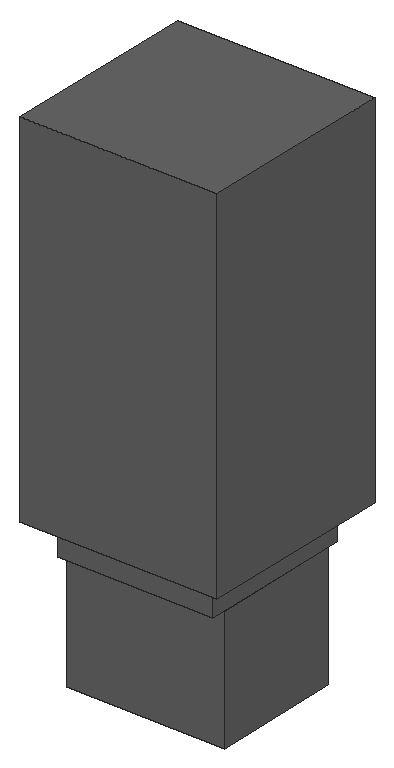
Revit family "LTC-6SQD", category Lighting Fixtures, host Face, Revit 2014
Parameters (values of type "LTC-6SQD-S")
  Width = 7 151/256"
  Wattage Comments = "8-25"  # constant formula
  Wattage = 25 W
  built-in parameter 1150110 = 1 (stored number, unit not read)
  Voltage = if(Is 120V, 120 V, 277 V)  # 120 V
  URL = "https://www.hubbell.com/prescolite/en"
  built-in parameter 1114217 = 1 (stored number, unit not read)
  Tilt Angle = -90.00°
  built-in parameter 1150109 = 1 (stored number, unit not read)
  built-in parameter 1150134 = (empty or 0)
  built-in parameter 1150113 = 1 (stored number, unit not read)
  Reflector Finish = Paint - Hubbell - Carbon Black
  Product Page URL = "https://www.hubbell.com/prescolite/en/Products/Lighting-Controls/Commercial-Indoor-Lighting/Cylinder/LITEISTRY-6-Square-Cylinder-Downlight-wPowerHUBB/p/3775909"
  Product Material = Paint - Hubbell - Carbon Black
  Product Documentation Link = "https://hubbellcdn.com/specsheet/LTC-6SQDPH%20PowerHUBB.pdf"
  Photometric Web File = "LTC-6SQDPH-P-20L35K8MD-PM-S-BL.ies"
  Photometric Notes = "More IES files download on Photometric Web Link"  # constant formula
  Model = "LTC-6SQD"  # constant formula
  Manufacturer = "Prescolite"  # constant formula
  built-in parameter 1150105 = -6252400 (stored number, unit not read)
  Lumens = 2200 lm
  built-in parameter 1150115 = 1 (stored number, unit not read)
  Load Classification = Lighting
  built-in parameter 1150137 = (empty or 0)
  built-in parameter 1150139 = (empty or 0)
  built-in parameter 1150112 = 1 (stored number, unit not read)
  built-in parameter 1150114 = 1 (stored number, unit not read)
  Lamp = " LED's"  # constant formula
  Is 277V = not(Is 120V)  # no
  Is 120V = yes
  built-in parameter 1150132 = (empty or 0)
  built-in parameter 1150102 = (empty or 0)
  built-in parameter 1150107 = 3000 (stored number, unit not read)
  built-in parameter 1150138 = (empty or 0)
  built-in parameter 1150106 = -62524 (stored number, unit not read)
  Height = 14"
  Glass = Hubbell - White Glass
  Frequency = 60 Hz  # constant formula
  Emit from Rectangle Width = Width  # 7 151/256"
  Emit from Rectangle Length = Width  # 7 151/256"
  Emit Shape Visible in Rendering = yes
  built-in parameter 1150104 = 8.1755 (stored number, unit not read)
  Dimming Lamp Color Temperature Shift = <None>
  Description = "LITEISTRY™ 6inch Square Cylinder Downlight"  # constant formula
  Default Elevation = 48"
  Contact Us = "https://www.hubbell.com/prescolite/en/contactUs"
  Connector Description = "Lighting Connector"  # constant formula
  Color Filter = 16777215
  Ceiling Thickness [instance] = 1 1/4"
  Cutout Radius = 3 1/8"
  Ceiling Cutout = Cutout Radius * 2  # 6 1/4"
  built-in parameter 1114218 = 1 (stored number, unit not read)
  built-in parameter 1150133 = 10 (stored number, unit not read)
  Apparent Load = 52 VA
Reference planes (in)
  plane 1 "Center (Front/Back)": y = 0
  plane 2: z = 0
  plane 3 "Center (Left/Right)": x = 0
  plane 4: x = 3
  plane 5: x = -3
  plane 6: y = 3
  plane 7: y = -3
  plane 8: x = 3.79492
  plane 9: x = -3.79492
  plane 10: y = 3.79492
  plane 11: y = -3.79492
  plane 12: z = 14
  plane 13: z = -6
Forms (in)
  Extrusion 1, void
    sketch origin (0, 0, 0) x (1, 0, 0) y (0, 1, 0)
      loop
        circle (0, 0) r 3.125
    from -1.25 to 0
  Extrusion 2, solid, material "Paint - Hubbell - Carbon Black" <- "Product Material"
    sketch origin (0, 0, 0) x (1, 0, 0) y (0, 1, 0)
      loop
        line (-3.04492, 2.5) -> (-3.04492, -2.5) -> (3.04492, -2.5) -> (3.04492, 2.5) -> (-3.04492, 2.5)
    from -6 to -1.27765
  Extrusion 3, solid, material "Paint - Hubbell - Carbon Black" <- "Product Material"
    sketch origin (0, 0, 0) x (1, 0, 0) y (0, 1, 0)
      loop
        line (-3.79492, 3.79492) -> (-3.79492, -3.79492) -> (3.79492, -3.79492) -> (3.79492, 3.79492) -> (-3.79492, 3.79492)
    from 0 to 14
  Extrusion 4, solid, material "Paint - Hubbell - Carbon Black" <- "Product Material"
    sketch origin (0, 0, 0) x (1, 0, 0) y (0, 1, 0)
      loop
        line (-3, 3) -> (-3, -3) -> (3, -3) -> (3, 3) -> (-3, 3)
    from -1.27765 to 0
  Extrusion 5, solid, material "Paint - Hubbell - Carbon Black" <- "Product Material"
    sketch origin (0, 0, 0) x (1, 0, 0) y (0, 1, 0)
      loop
        line (-3.5, 3.5) -> (-3.5, -3.5) -> (3.5, -3.5) -> (3.5, 3.5) -> (-3.5, 3.5)
    from 0 to 0.5
Dimensions and locks (in)
  "Height": plane 12 to plane 2
  equal spacing: plane 9, plane 3 "Center (Left/Right)", plane 8
  equal spacing: plane 11, plane 1 "Center (Front/Back)", plane 10
  "Width": plane 11 to plane 10
  "Width": plane 9 to plane 8
  "Cutout Radius": radius of Extrusion 1 sketch curve
  aligned and locked: plane 2 to host face
  aligned and locked: level to host face
  aligned and locked: level to Extrusion 1
  aligned and locked: plane 1 "Center (Front/Back)" to Extrusion 1 sketch curve
  aligned and locked: plane 3 "Center (Left/Right)" to Extrusion 1 sketch curve
  aligned and locked: plane 3 "Center (Left/Right)" to imposter light
  aligned and locked: Extrusion 3 to plane 12
  aligned and locked: imposter light to plane 12
Automatic sketch dimensions
  host sketch curve to host sketch curve = 96"  (x2)
  Extrusion 3 sketch curve to plane 9 = 0"
  Extrusion 3 sketch curve to plane 8 = 0"
  plane 11 to Extrusion 3 sketch curve = 0"
  plane 10 to Extrusion 3 sketch curve = 0"
  Extrusion 2 sketch curve to plane 7 = 1/2"
  plane 6 to Extrusion 2 sketch curve = 1/2"
  Extrusion 2 sketch curve to plane 8 = 3/4"
  plane 9 to Extrusion 2 sketch curve = 3/4"
  Extrusion 4 sketch curve to plane 5 = 0"
  Extrusion 4 sketch curve to plane 4 = 0"
  plane 7 to Extrusion 4 sketch curve = 0"
  plane 6 to Extrusion 4 sketch curve = 0"
  Extrusion 5 sketch curve to plane 5 = 1/2"
  plane 4 to Extrusion 5 sketch curve = 1/2"
  plane 7 to Extrusion 5 sketch curve = 1/2"
  Extrusion 5 sketch curve to plane 6 = 1/2"
Connectors (in)
  electrical at (0, 0, 0), driven by "Connector Description", driven by "Voltage", driven by "Apparent Load", driven by "Load Classification"
    settings: on host face, index 1, voltage 120 V, apparent load 52 VA, apparent load phase1 0 VA, apparent load phase2 0 VA, apparent load phase3 0 VA, power factor 0.9, load classification "Lighting", number of poles 1, system type 30, power factor state 1, is connector primary yes, connector utility no, sub classification motor no, connector description "Lighting Connector"
